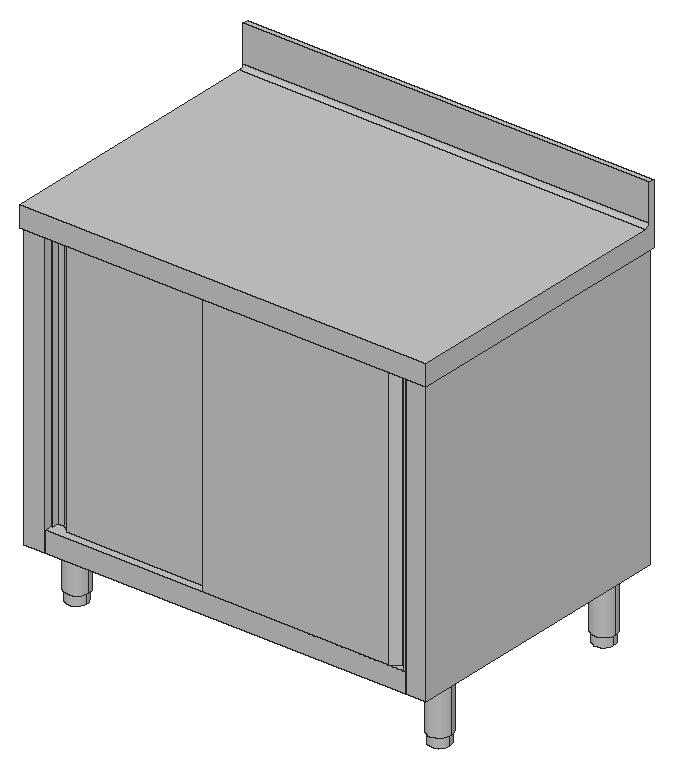
Revit family "QF_ELECTROLUXPROFESSIONAL_132862_MS1017N", category Attrezzature speciali, Revit 2020
Family settings
  Quota connettore circolare = Usa diametro
  Tipo di parte = Normale
  Basato su piano di lavoro = No
  Sempre verticale = Sì
  Taglio con vuoti quando caricato = No
  Condiviso = No
  Punto di calcolo locali = No
Parameters (values of type "Standard")
  Weight = 50.00 kg
  Watts = 0 W
  Volts = 0 V
  URL Manufacturer = "https://www.electroluxprofessional.com/"
  URL = "https://www.electroluxprofessional.com/"
  Steam Supply Size = 0 mm
  Steam Supply Minimum Pressure = 0.0 Pa
  Steam Supply Maximum Pressure = 0.0 Pa
  Steam Consumption per Hour = 0
  Refrigeration Suction Line Size = 0.0 mm
  Refrigeration Liquid Line Size = 0.0 mm
  Refrigerant Compressor Remote = yes
  Prospetto di default = 0.0 mm
  Produttore = "Electrolux Professional"
  Phase = 0
  Modello = "MS1017N"
  Length Actual = 1000.0 mm  # constant formula
  Item Number = "132862"
  Hot Water Size = 0 mm
  Height Actual = 1000.0 mm  # constant formula
  HP = "0 HP"
  Gas Size = 0 mm
  Gas KW = 0
  Gas Input Pressure = 0 W
  Direct Waste Size = 0 mm
  Descrizione = "WORKTOP CUPBOARD WITH UPSTAND 1000MM"
  Depth Actual = 700.0 mm  # constant formula
  Cycle = 0 Hz
  Condensate Return Size = 0 mm
  Compressed Air Volume = 0.0 L/s
  Compressed Air Size = 0 mm
  Compressed Air Pressure = 0.0 Pa
  Cold Water Size = 0 mm
  Accessory = yes
Reference planes
  plane 1 "Center (Front/Back)": y = 0
  plane 2: z = 0
  plane 3 "Center (Left/Right)": x = 0
  plane 4 "LEFT": x = -500
  plane 5 "RIGHT": x = 500
  plane 6 "BACK": y = 350
  plane 7 "FRONT": y = -350
  plane 8 "Base": z = 850
  plane 9 "TOP": z = 900
  plane 10: x = -446.9
  plane 11: x = 446.9
  plane 12: y = 264.5
  plane 13: y = -241.9
  plane 14 "BodyLeft": x = -494.5
  plane 15 "BodyFront": y = -344.5
  plane 16 "BodyRight": x = 494.5
  plane 17 "BodyBack": y = 344.5
  plane 18 "FEET": z = 150
  plane 19: x = 55.5
  plane 20: x = -55.5
Forms (mm)
  Extrusion 1, solid, material "QF_Finishes_Stainless Steel"
    sketch origin (0, 0, 0) x (0, 1, 0) y (0, 0, 1)
      loop
        line (-350, 850) -> (350, 850) -> (350, 1000) -> (337, 1000) -> (337, 910)
        arc (337, 910) -> (334.071, 902.929) -> (327, 900) r 10
        line (327, 900) -> (-350, 900) -> (-350, 850)
    from 500 to -500
  Extrusion 2, solid, material "QF_Finishes_Stainless Steel"
    sketch origin (0, 0, 150) x (-1, 0, 0) y (0, -1, 0)
      loop
        line (494.5, -344.5) -> (494.5, 344.5) -> (444.5, 344.5) -> (444.5, -344.5) -> (494.5, -344.5)
      loop
        line (-444.5, -344.5) -> (-444.5, 344.5) -> (-494.5, 344.5) -> (-494.5, -344.5) -> (-444.5, -344.5)
    from 0 to 700
  Extrusion 3, solid, material "QF_Finishes_Stainless Steel"
    sketch origin (0, 0, 150) x (-1, 0, 0) y (0, -1, 0)
      loop
        line (443.585, -344.5) -> (443.585, 344.5) -> (-444.5, 344.5) -> (-444.5, -344.5) -> (443.585, -344.5)
    from 0 to 50
  Extrusion 4, solid, material "QF_Finishes_Stainless Steel"
    sketch origin (0, 0, 150) x (-1, 0, 0) y (0, -1, 0)
      loop
        line (443.585, -344.5) -> (443.585, -294.5) -> (-444.5, -294.5) -> (-444.5, -344.5) -> (443.585, -344.5)
    from 50 to 700
  Extrusion 5, solid, material "QF_Finishes_Stainless Steel"
    sketch origin (0, 0, 150) x (-1, 0, 0) y (0, -1, 0)
      loop
        line (-444.5, 344.5) -> (-444.5, 324.5) -> (55.5, 324.5) -> (55.5, 344.5) -> (-404.5, 344.5) -> (-424.5, 329.5) -> (-439.5, 329.5) -> (-439.5, 344.5) -> (-444.5, 344.5)
    from 50 to 700
  Extrusion 6, solid, material "QF_Finishes_Stainless Steel"
    sketch origin (0, 20, 150) x (1, 0, 0) y (0, 1, 0)
      loop
        line (-444.5, -344.5) -> (-439.5, -344.5) -> (-439.5, -329.5) -> (-424.5, -329.5) -> (-404.5, -344.5) -> (55.5, -344.5) -> (55.5, -324.5) -> (-444.5, -324.5) -> (-444.5, -344.5)
    from 50 to 700
Lines and regions (mm)
  symbolic lines
    curve 1: line (500, 350, 900) -> (-500, 350, 900)
    curve 2: line (-500, 350, 900) -> (-500, -350, 900)
    curve 3: line (-500, -350, 900) -> (500, -350, 900)
    curve 4: line (500, -350, 900) -> (500, 350, 900)
    curve 5: line (-500, 337, 900) -> (500, 337, 900)
  symbolic lines, style "SpecialityEquipmentHiddenLines"
    curve 6: line (-494.5, -344.5, 150) -> (-494.5, 344.5, 150)
    curve 7: line (-494.5, 344.5, 150) -> (494.5, 344.5, 150)
    curve 8: line (494.5, 344.5, 150) -> (494.5, -344.5, 150)
    curve 9: line (494.5, -344.5, 150) -> (-494.5, -344.5, 150)
    curve 10: line (-444.5, -304.5, 150) -> (55.5, -304.5, 150)
    curve 11: line (55.5, -304.5, 150) -> (55.5, -324.5, 150)
    curve 12: line (444.5, -324.5, 150) -> (-444.5, -324.5, 150)
    curve 13: line (-444.5, -324.5, 150) -> (-444.5, -304.5, 150)
    curve 14: line (-55.5, -344.5, 150) -> (-55.5, -324.5, 150)
Dimensions and locks
  plane 4 "LEFT" to plane 5 "RIGHT" = 1000.0 mm
  equal spacing: plane 4 "LEFT", plane 3 "Center (Left/Right)", plane 5 "RIGHT"
  locked: plane 8 "Base" to level at 850
  locked: Extrusion 1 to level at 1000
  plane 9 "TOP" to level = 900.0 mm
  plane 6 "BACK" to plane 7 "FRONT" = 700.0 mm
  equal spacing: plane 6 "BACK", plane 1 "Center (Front/Back)", plane 7 "FRONT"
  locked: plane 4 "LEFT" to plane 14 "BodyLeft" at 5.5
  locked: plane 16 "BodyRight" to plane 5 "RIGHT" at 5.5
  locked: plane 15 "BodyFront" to plane 7 "FRONT" at 5.5
  locked: plane 6 "BACK" to plane 17 "BodyBack" at 5.5
  locked: plane 14 "BodyLeft" to plane 10 at 47.6
  locked: plane 11 to plane 16 "BodyRight" at 47.6
  locked: plane 13 to plane 15 "BodyFront" at 102.6
  locked: plane 17 "BodyBack" to plane 12 at 80
  plane 10 to plane 11 = 893.8 mm
  plane 12 to plane 13 = 506.4 mm
  locked: plane 14 "BodyLeft" to Extrusion 2 sketch curve at 50
  locked: Extrusion 2 sketch curve to Extrusion 2 sketch curve at 50
  Extrusion 3 to Extrusion 4 sketch curve = 50.0 mm
  Extrusion 2 to plane 19 = 500.0 mm
  plane 20 to Extrusion 2 = 500.0 mm
  locked: plane 18 "FEET" to level at 150
  aligned and locked: level to plane 2
  aligned and locked: plane 10 to nested 1
  aligned and locked: nested 1 to plane 13
  aligned and locked: plane 11 to nested 2
  aligned and locked: nested 2 to plane 13
  aligned and locked: plane 11 to nested 4
  aligned and locked: nested 4 to plane 12
  aligned and locked: plane 10 to nested 3
  aligned and locked: nested 3 to plane 12
  aligned and locked: Extrusion 1 to plane 4 "LEFT"
  aligned and locked: plane 5 "RIGHT" to Extrusion 1
  aligned and locked: curve 2 to plane 4 "LEFT"
  aligned and locked: plane 17 "BodyBack" to Extrusion 2 sketch curve
  aligned and locked: Extrusion 2 sketch curve to plane 15 "BodyFront"
  aligned and locked: Extrusion 2 sketch curve to plane 14 "BodyLeft"
  aligned and locked: plane 16 "BodyRight" to Extrusion 2 sketch curve
  aligned and locked: Extrusion 2 sketch curve to plane 17 "BodyBack"
  aligned and locked: plane 15 "BodyFront" to Extrusion 2 sketch curve
  aligned and locked: Extrusion 3 sketch curve to plane 17 "BodyBack"
  aligned and locked: plane 15 "BodyFront" to Extrusion 3 sketch curve
  aligned and locked: plane 8 "Base" to Extrusion 2
  aligned and locked: plane 8 "Base" to Extrusion 5
  aligned and locked: Extrusion 5 to Extrusion 3
  aligned and locked: Extrusion 6 sketch curve to plane 19
  aligned and locked: Extrusion 5 sketch curve to plane 20
  aligned and locked: curve 7 to plane 17 "BodyBack"
  aligned and locked: Extrusion 2 to plane 14 "BodyLeft"
  aligned and locked: plane 16 "BodyRight" to curve 8
  aligned and locked: plane 15 "BodyFront" to curve 9
Automatic sketch dimensions
  curve 3 to plane 7 "FRONT" = 0.0 mm
  curve 5 to plane 5 "RIGHT" = 0.0 mm
  curve 4 to plane 6 "BACK" = 0.0 mm
  curve 5 to plane 17 "BodyBack" = 7.5 mm
  Extrusion 1 sketch curve to plane 7 "FRONT" = 0.0 mm
  Extrusion 1 sketch curve to plane 9 "TOP" = 0.0 mm
  Extrusion 1 sketch curve to plane 6 "BACK" = 0.0 mm
  Extrusion 1 sketch curve to plane 8 "Base" = 0.0 mm
  Extrusion 1 sketch curve to plane 17 "BodyBack" = 17.5 mm
  Extrusion 1 sketch curve to plane 17 "BodyBack" = 7.5 mm
  Extrusion 1 sketch curve to Extrusion 1 sketch curve = 90.0 mm
  Extrusion 5 sketch curve to plane 15 "BodyFront" = 0.0 mm  (x2)
  Extrusion 5 sketch curve to plane 11 = 2.4 mm
  Extrusion 5 sketch curve to Extrusion 5 sketch curve = 5.0 mm
  Extrusion 5 sketch curve to Extrusion 5 sketch curve = 15.0 mm
  Extrusion 5 sketch curve to Extrusion 5 sketch curve = 20.0 mm
  plane 15 "BodyFront" to Extrusion 5 sketch curve = 15.0 mm
  plane 15 "BodyFront" to Extrusion 5 sketch curve = 20.0 mm
  Extrusion 6 sketch curve to plane 15 "BodyFront" = 20.0 mm  (x2)
  Extrusion 6 sketch curve to plane 10 = 2.4 mm
  Extrusion 6 sketch curve to Extrusion 6 sketch curve = 5.0 mm
  Extrusion 6 sketch curve to Extrusion 6 sketch curve = 15.0 mm
  Extrusion 6 sketch curve to Extrusion 6 sketch curve = 20.0 mm  (x2)
  Extrusion 6 sketch curve to plane 15 "BodyFront" = 35.0 mm
  Extrusion 3 sketch curve to plane 11 = 2.4 mm
  plane 10 to Extrusion 3 sketch curve = 3.315 mm
  Extrusion 4 sketch curve to plane 11 = 2.4 mm
  plane 10 to Extrusion 4 sketch curve = 3.315 mm
  curve 10 to plane 19 = 0.0 mm
  curve 14 to plane 20 = 0.0 mm
  curve 7 to plane 14 "BodyLeft" = 0.0 mm
  plane 10 to curve 13 = 2.4 mm
  curve 10 to curve 13 = 20.0 mm
  curve 12 to plane 11 = 2.4 mm
  plane 15 "BodyFront" to curve 14 = 20.0 mm
Nested families
  nested 1: "FEET_D58-150" at (-446.9, -241.9, 0), type "FEET_D58-150"
  nested 2: "FEET_D58-150" at (446.9, -241.9, 0), type "FEET_D58-150"
  nested 3: "FEET_D58-150" at (-446.9, 264.5, 0), type "FEET_D58-150"
  nested 4: "FEET_D58-150" at (446.9, 264.5, 0), type "FEET_D58-150"
Definition of nested family "FEET_D58-150"
  Parameters
    Default Elevation = 0.0 mm
    FEET = 150.0 mm
  Reference planes
    plane 1 "Center (Front/Back)": y = 0
    plane 2: z = 0
    plane 3 "Center (Left/Right)": x = 0
    plane 4: z = 150
  Forms (mm)
    Extrusion 1, solid
      sketch origin (0, 0, 0) x (1, 0, 0) y (0, 1, 0)
        loop
          circle (0, 0) r 25
      from 0 to 25
    Extrusion 2, solid
      sketch origin (0, 0, 0) x (1, 0, 0) y (0, 1, 0)
        loop
          circle (0.061, 0) r 29
      from 25 to 150 <- "FEET"
  Lines and regions (mm)
    symbolic lines
      curve 1: line (0, -1.503, 0) -> (0, 1.508, 0)
      curve 2: line (1.561, 0, 0) -> (-1.439, 0, 0)
  Dimensions and locks
    "FEET": plane 4 to plane 2
    aligned and locked: level to plane 2
  Automatic sketch dimensions
    plane 1 "Center (Front/Back)" to Extrusion 1 sketch curve = 0.0 mm
    Extrusion 1 sketch curve to plane 3 "Center (Left/Right)" = 0.0 mm
    plane 1 "Center (Front/Back)" to curve 2 = 0.0 mm
    curve 1 to plane 3 "Center (Left/Right)" = 0.0 mm
    curve 2 to plane 3 "Center (Left/Right)" = 1.439 mm
    plane 3 "Center (Left/Right)" to curve 2 = 1.561 mm
    plane 1 "Center (Front/Back)" to curve 1 = 1.503 mm
    curve 1 to plane 1 "Center (Front/Back)" = 1.508 mm
    plane 1 "Center (Front/Back)" to Extrusion 2 sketch curve = 0.0 mm
    plane 3 "Center (Left/Right)" to Extrusion 2 sketch curve = 0.061 mm
    radius of Extrusion 1 sketch curve = 25.0 mm
    radius of Extrusion 2 sketch curve = 29.0 mm
